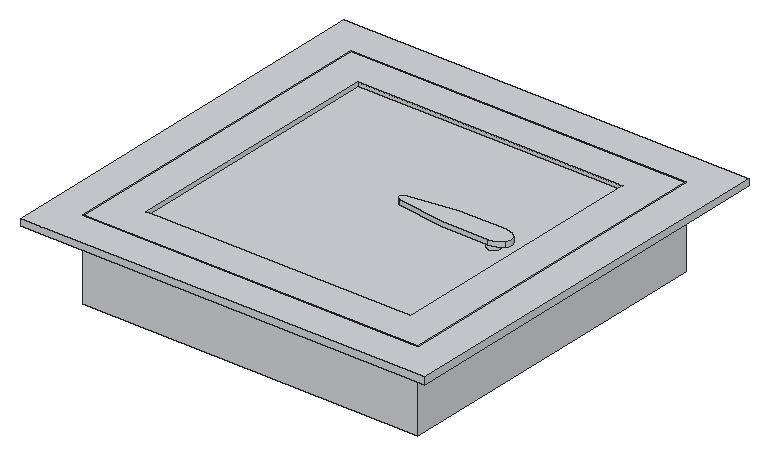
Revit family "WID", category Generic Models, host Face, Revit 2026
Family settings
  Host = Face
  Can host rebar = No
  Round Connector Dimension = Use Diameter
  Part Type = Normal
  Cut with Voids When Loaded = No
  Maintain Annotation Orientation = No
  Shared = No
  Room Calculation Point = No
Parameters (values of type "WID-12"x12"x1"")
  Width = 1' - 0"
  URL = "WWW.MIFAB.COM"
  Model = "WID"
  Material = none
  Manufacturer = "MIFAB"
  Insulation Thickness = 0' - 1"
  Height = 1' - 0"
  Description = "EXTERIOR ACCESS DOOR / WALK-IN DOOR"
  Default Elevation = 4' - 0"
Types (17): name | Width | Insulation Thickness | Height
  (no name) | 1' - 0" | 0' - 1" | 1' - 0"
  WID-12"x24"x1" | 1' - 0" | 0' - 1" | 2' - 0"
  WID-12"x12"x1" | 1' - 0" | 0' - 1" | 1' - 0"
  WID-14"x14"x1" | 1' - 2" | 0' - 1" | 1' - 2"
  WID-16"x16"x1" | 1' - 4" | 0' - 1" | 1' - 4"
  WID-16"x20"x1" | 1' - 4" | 0' - 1" | 1' - 8"
  WID-16"x36"x1" | 1' - 4" | 0' - 1" | 3' - 0"
  WID-18"x18"x1" | 1' - 6" | 0' - 1" | 1' - 6"
  WID-20"x30"x1" | 1' - 8" | 0' - 1" | 2' - 6"
  WID-22"x30"x1" | 1' - 10" | 0' - 4" | 2' - 6"
  WID-22"x36"x1" | 1' - 10" | 0' - 1" | 3' - 0"
  WID-24"x24""x1" | 2' - 0" | 0' - 1" | 2' - 0"
  WID-24"x36"x1" | 2' - 0" | 0' - 1" | 3' - 0"
  WID-30"x30"x1" | 2' - 6" | 0' - 1" | 2' - 6"
  WID-30'"x60"x1" | 2' - 6" | 0' - 1" | 5' - 0"
  WID-36"x36"x1" | 3' - 0" | 0' - 1" | 3' - 0"
  WID-36"x48"x1" | 3' - 0" | 0' - 1" | 4' - 0"
Reference planes (in)
  plane 1 "Center (Front/Back)": y = 0
  plane 2: z = 0
  plane 3 "Center (Left/Right)": x = 0
  plane 4: x = -6
  plane 5: x = 6
  plane 6: y = 6
  plane 7: y = -6
  plane 8: x = -7.25
  plane 9: x = 7.25
  plane 10: y = -7.25
  plane 11: y = 7.25
  plane 12: z = 0.23622
  plane 13: z = -0.76378
  plane 14: z = 0.23622
  plane 15: z = 0.10148
  plane 16: x = 3.94152
  plane 17: z = -2.625
Forms (in)
  Sweep 1, solid, material <- "Material"
    path origin (0, 0, 0) x (1, 0, 0) y (0, 1, 0)
      loop
        line (7.25, 7.25) -> (-7.25, 7.25) -> (-7.25, -7.25) -> (7.25, -7.25) -> (7.25, 7.25)
    profile origin (7.25, 0, 0) x (1, 0, 0) y (0, 0, 1)
      loop
        line (0, 0) -> (0, 0.23622) -> (-1.25, 0.23622) -> (-1.25, 0) -> (0, 0)
  Extrusion 2, solid, material <- "Material"
    sketch origin (0, 0, 0) x (1, 0, 0) y (0, 1, 0)
      loop
        line (-6, 6) -> (-6, -6) -> (6, -6) -> (6, 6) -> (-6, 6)
      loop
        line (5.76563, 5.76562) -> (-5.76562, 5.76562) -> (-5.76562, -5.76563) -> (5.76563, -5.76563) -> (5.76563, 5.76562)
    from -2.625 to -0.76378
  Extrusion 3, void
    sketch origin (0, 0, 0) x (1, 0, 0) y (0, 1, 0)
      loop
        line (-6, 6) -> (-6, -6) -> (6, -6) -> (6, 6) -> (-6, 6)
    from -2.625 to 0
  Sweep 4, solid, material <- "Material"
    path origin (0, 0, 0) x (1, 0, 0) y (0, 1, 0)
      loop
        line (6, 6) -> (-6, 6) -> (-6, -6) -> (6, -6) -> (6, 6)
    profile origin (6, 0, 0) x (1, 0, 0) y (0, 0, 1)
      loop
        line (0, 0.23622) -> (-1.25, 0.23622) -> (-1.25, -0.76378) -> (0, -0.76378) -> (0, 0.23622)
  Extrusion 5, solid, material <- "Material"
    sketch origin (0, 0, 0) x (1, 0, 0) y (0, 1, 0)
      loop
        line (-4.75, 4.75) -> (-4.75, -4.75) -> (4.75, -4.75) -> (4.75, 4.75) -> (-4.75, 4.75)
    from -0.76378 to 0.10148
Dimensions and locks (in)
  equal spacing: plane 7, plane 1 "Center (Front/Back)", plane 6
  locked: plane 11 to plane 6 at 1.25
  locked: plane 7 to plane 10 at 1.25
  "Height": plane 7 to plane 6
  equal spacing: plane 4, plane 3 "Center (Left/Right)", plane 5
  "Width": plane 4 to plane 5
  locked: plane 8 to plane 4 at 1.25
  locked: plane 5 to plane 9 at 1.25
  locked: plane 12 to profile plane at 0.23622
  locked: plane 7 to Extrusion 2 sketch curve at 0.23437
  locked: plane 6 to Extrusion 2 sketch curve at 0.23438
  locked: Extrusion 2 sketch curve to plane 5 at 0.23438
  locked: plane 4 to Extrusion 2 sketch curve at 0.23438
  "Insulation Thickness": plane 14 to plane 13
  locked: plane 13 to plane 17 at 1.86122
  locked: plane 14 to plane 2 at 0.23622
  locked: Sweep 4 sketch curve to profile plane at 1.25
  locked: plane 14 to plane 15 at 0.13474
  locked: plane 16 to plane 5 at 2.05848
  host face to plane 17 = 0' - 2 5/8"
  aligned and locked: plane 2 to host face
  aligned and locked: level to host face
  aligned and locked: plane 9 to Sweep 1 sketch curve
  aligned and locked: plane 11 to Sweep 1 sketch curve
  aligned and locked: Sweep 1 sketch curve to plane 8
  aligned and locked: Sweep 1 sketch curve to plane 10
  aligned and locked: profile plane to Sweep 1 sketch curve  (x2)
  aligned and locked: Sweep 1 sketch curve to plane 5
  aligned and locked: plane 12 to Sweep 1 sketch curve
  aligned and locked: Extrusion 2 sketch curve to plane 4
  aligned and locked: Extrusion 2 sketch curve to plane 6
  aligned and locked: plane 5 to Extrusion 2 sketch curve
  aligned and locked: plane 7 to Extrusion 2 sketch curve
  aligned and locked: plane 13 to Extrusion 2
  aligned and locked: Extrusion 3 sketch curve to plane 4
  aligned and locked: Extrusion 3 sketch curve to plane 6
  aligned and locked: plane 5 to Extrusion 3 sketch curve
  aligned and locked: plane 7 to Extrusion 3 sketch curve
  aligned and locked: plane 2 to Extrusion 3
  aligned and locked: plane 5 to Sweep 4 sketch curve
  aligned and locked: Sweep 4 sketch curve to plane 6
  aligned and locked: Sweep 4 sketch curve to plane 4
  aligned and locked: plane 7 to Sweep 4 sketch curve
  aligned and locked: Sweep 4 sketch curve to plane 5
  aligned and locked: Sweep 4 sketch curve to plane 13
  aligned and locked: plane 14 to Sweep 4 sketch curve
  aligned and locked: Extrusion 5 sketch curve to Sweep 4  (x4)
  aligned and locked: Extrusion 5 to plane 13
  aligned and locked: Extrusion 5 to plane 15
  aligned and locked: plane 1 "Center (Front/Back)" to nested 1
  aligned and locked: nested 1 to plane 16
  aligned and locked: Extrusion 2 to plane 17
  aligned and locked: Extrusion 3 to Extrusion 2
Automatic sketch dimensions
  host sketch curve to host sketch curve = 3' - 6 1/2"
  host sketch curve to host sketch curve = 4' - 6 1/2"
Nested families (in)
  nested 1: "Handle" at (3.94152, 0, 0.10148), type "Handle"
Definition of nested family "Handle"
  Parameters (values of type "Handle")
    Material = none
    Default Elevation = 4' - 0"
  Reference planes (in)
    plane 1 "Center (Front/Back)": y = 0
    plane 2: z = 0
    plane 3 "Center (Left/Right)": x = 0
  Forms (in)
    Extrusion 1, solid
      sketch origin (0, 0, 0) x (1, 0, 0) y (0, 1, 0)
        loop
          line (-48, 48) -> (-48, -48) -> (48, -48) -> (48, 48) -> (-48, 48)
      from 0 to -12
    Extrusion 2, solid, material <- "Material"
      sketch origin (-3.78692, 0, -0.19685) x (1, 0, 0) y (0, 1, 0)
        loop
          arc (0.52095, 0.14651) -> (0.40271, 0) -> (0.52095, -0.14651) r 0.14989
          arc (0.52095, -0.14651) -> (2.19522, -0.38905) -> (3.88693, -0.39932) r 12.28754
          arc (3.88693, -0.39932) -> (4.13445, -0.33467) -> (4.33953, -0.18174) r 0.66811
          arc (4.33953, -0.18174) -> (4.40975, 0) -> (4.33953, 0.18174) r 0.2703
          arc (4.33953, 0.18174) -> (4.13445, 0.33467) -> (3.88693, 0.39932) r 0.66811
          arc (3.88693, 0.39932) -> (2.19522, 0.38905) -> (0.52095, 0.14651) r 12.28754
      from 0.43977 to 0.60169
    Extrusion 3, solid, material <- "Material"
      sketch origin (-3.78692, 0, -0.19685) x (1, 0, 0) y (0, 1, 0)
        loop
          circle (3.78692, 0) r 0.25
      from 0.19685 to 0.43977
  Dimensions and locks (in)
    aligned and locked: plane 2 to Extrusion 1
    aligned and locked: level to Extrusion 1
    aligned and locked: Extrusion 3 to level
